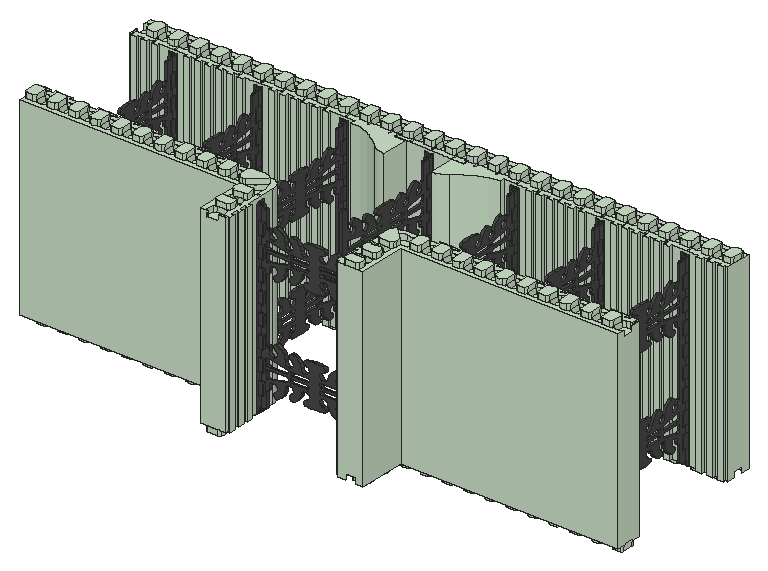
Revit family "ICF- NUDURA 10-inch- Short T Form Unit- Imperial", category Generic Models, Revit 2010 (continued)
Definition of nested family "NUDURA Diamond Pattern Missing Two Lines"
  Lines and regions (in)
    model lines
      curve 51: line (3.35367, -5.625, 12.48484) -> (3.69709, -5.625, 12.14142)
      curve 52: arc (3.35367, -5.625, 13.01517) -> (3.24384, -5.625, 12.75) -> (3.35367, -5.625, 12.48484) r 0.375
      curve 53: line (3.69709, -5.625, 13.35858) -> (3.35367, -5.625, 13.01517)
      curve 54: arc (4.17062, -5.625, 13.30178) -> (3.99384, -5.625, 13.375) -> (3.81706, -5.625, 13.30178) r 0.25
      curve 55: line (3.81706, -5.625, 13.30178) -> (3.44206, -5.625, 12.92678)
      curve 56: arc (3.44206, -5.625, 12.92678) -> (3.36884, -5.625, 12.75) -> (3.44206, -5.625, 12.57322) r 0.25
      curve 57: line (3.44206, -5.625, 12.57322) -> (3.81706, -5.625, 12.19822)
      curve 58: arc (3.81706, -5.625, 12.19822) -> (3.99384, -5.625, 12.125) -> (4.17062, -5.625, 12.19822) r 0.25
      curve 59: line (4.17062, -5.625, 12.19822) -> (4.54562, -5.625, 12.57322)
      curve 60: arc (4.54562, -5.625, 12.57322) -> (4.61884, -5.625, 12.75) -> (4.54562, -5.625, 12.92678) r 0.25
      curve 61: line (4.54562, -5.625, 12.92678) -> (4.17062, -5.625, 13.30178)
      curve 62: arc (3.69709, -5.625, 11.85858) -> (3.75567, -5.625, 12) -> (3.69709, -5.625, 12.14142) r 0.2
      curve 63: line (4.634, -5.625, 11.51517) -> (4.29059, -5.625, 11.85858)
      curve 64: arc (4.634, -5.625, 10.98484) -> (4.74384, -5.625, 11.25) -> (4.634, -5.625, 11.51517) r 0.375
      curve 65: line (4.29059, -5.625, 10.64142) -> (4.634, -5.625, 10.98484)
      curve 66: line (3.35367, -5.625, 10.98484) -> (3.69709, -5.625, 10.64142)
      curve 67: arc (3.35367, -5.625, 11.51517) -> (3.24384, -5.625, 11.25) -> (3.35367, -5.625, 10.98484) r 0.375
      curve 68: line (3.69709, -5.625, 11.85858) -> (3.35367, -5.625, 11.51517)
      curve 69: arc (4.17062, -5.625, 11.80178) -> (3.99384, -5.625, 11.875) -> (3.81706, -5.625, 11.80178) r 0.25
      curve 70: line (3.81706, -5.625, 11.80178) -> (3.44206, -5.625, 11.42678)
      curve 71: arc (3.44206, -5.625, 11.42678) -> (3.36884, -5.625, 11.25) -> (3.44206, -5.625, 11.07322) r 0.25
      curve 72: line (3.44206, -5.625, 11.07322) -> (3.81706, -5.625, 10.69822)
      curve 73: arc (3.81706, -5.625, 10.69822) -> (3.99384, -5.625, 10.625) -> (4.17062, -5.625, 10.69822) r 0.25
      curve 74: line (4.17062, -5.625, 10.69822) -> (4.54562, -5.625, 11.07322)
      curve 75: arc (4.54562, -5.625, 11.07322) -> (4.61884, -5.625, 11.25) -> (4.54562, -5.625, 11.42678) r 0.25
      curve 76: line (4.54562, -5.625, 11.42678) -> (4.17062, -5.625, 11.80178)
      curve 77: arc (3.69709, -5.625, 10.35858) -> (3.75567, -5.625, 10.5) -> (3.69709, -5.625, 10.64142) r 0.2
      curve 78: line (4.634, -5.625, 10.01517) -> (4.29059, -5.625, 10.35858)
      curve 79: arc (4.634, -5.625, 9.48484) -> (4.74384, -5.625, 9.75) -> (4.634, -5.625, 10.01517) r 0.375
      curve 80: line (4.29059, -5.625, 9.14142) -> (4.634, -5.625, 9.48484)
      curve 81: line (3.35367, -5.625, 9.48484) -> (3.69709, -5.625, 9.14142)
      curve 82: arc (3.35367, -5.625, 10.01517) -> (3.24384, -5.625, 9.75) -> (3.35367, -5.625, 9.48484) r 0.375
      curve 83: line (3.69709, -5.625, 10.35858) -> (3.35367, -5.625, 10.01517)
      curve 84: arc (4.17062, -5.625, 10.30178) -> (3.99384, -5.625, 10.375) -> (3.81706, -5.625, 10.30178) r 0.25
      curve 85: line (3.81706, -5.625, 10.30178) -> (3.44206, -5.625, 9.92678)
      curve 86: arc (3.44206, -5.625, 9.92678) -> (3.36884, -5.625, 9.75) -> (3.44206, -5.625, 9.57322) r 0.25
      curve 87: line (3.44206, -5.625, 9.57322) -> (3.81706, -5.625, 9.19822)
      curve 88: arc (3.81706, -5.625, 9.19822) -> (3.99384, -5.625, 9.125) -> (4.17062, -5.625, 9.19822) r 0.25
      curve 89: line (4.17062, -5.625, 9.19822) -> (4.54562, -5.625, 9.57322)
      curve 90: arc (4.54562, -5.625, 9.57322) -> (4.61884, -5.625, 9.75) -> (4.54562, -5.625, 9.92678) r 0.25
      curve 91: line (4.54562, -5.625, 9.92678) -> (4.17062, -5.625, 10.30178)
      curve 92: arc (3.69709, -5.625, 8.85858) -> (3.75567, -5.625, 9) -> (3.69709, -5.625, 9.14142) r 0.2
      curve 93: line (4.634, -5.625, 8.51517) -> (4.29059, -5.625, 8.85858)
      curve 94: arc (4.634, -5.625, 7.98484) -> (4.74384, -5.625, 8.25) -> (4.634, -5.625, 8.51517) r 0.375
      curve 95: line (4.29059, -5.625, 7.64142) -> (4.634, -5.625, 7.98484)
      curve 96: line (3.35367, -5.625, 7.98484) -> (3.69709, -5.625, 7.64142)
      curve 97: arc (3.35367, -5.625, 8.51517) -> (3.24384, -5.625, 8.25) -> (3.35367, -5.625, 7.98484) r 0.375
      curve 98: line (3.69709, -5.625, 8.85858) -> (3.35367, -5.625, 8.51517)
      curve 99: arc (4.17062, -5.625, 8.80178) -> (3.99384, -5.625, 8.875) -> (3.81706, -5.625, 8.80178) r 0.25
      curve 100: line (3.81706, -5.625, 8.80178) -> (3.44206, -5.625, 8.42678)
      curve 101: arc (3.44206, -5.625, 8.42678) -> (3.36884, -5.625, 8.25) -> (3.44206, -5.625, 8.07322) r 0.25
      curve 102: line (3.44206, -5.625, 8.07322) -> (3.81706, -5.625, 7.69822)
      curve 103: arc (3.81706, -5.625, 7.69822) -> (3.99384, -5.625, 7.625) -> (4.17062, -5.625, 7.69822) r 0.25
      curve 104: line (4.17062, -5.625, 7.69822) -> (4.54562, -5.625, 8.07322)
      curve 105: arc (4.54562, -5.625, 8.07322) -> (4.61884, -5.625, 8.25) -> (4.54562, -5.625, 8.42678) r 0.25
      curve 106: line (4.54562, -5.625, 8.42678) -> (4.17062, -5.625, 8.80178)
      curve 107: arc (3.69709, -5.625, 7.35858) -> (3.75567, -5.625, 7.5) -> (3.69709, -5.625, 7.64142) r 0.2
      curve 108: line (4.634, -5.625, 7.01517) -> (4.29059, -5.625, 7.35858)
      curve 109: arc (4.634, -5.625, 6.48484) -> (4.74384, -5.625, 6.75) -> (4.634, -5.625, 7.01517) r 0.375
      curve 110: line (4.29059, -5.625, 6.14142) -> (4.634, -5.625, 6.48484)
      curve 111: line (3.35367, -5.625, 6.48484) -> (3.69709, -5.625, 6.14142)
      curve 112: arc (3.35367, -5.625, 7.01517) -> (3.24384, -5.625, 6.75) -> (3.35367, -5.625, 6.48484) r 0.375
      curve 113: line (3.69709, -5.625, 7.35858) -> (3.35367, -5.625, 7.01517)
      curve 114: arc (4.17062, -5.625, 7.30178) -> (3.99384, -5.625, 7.375) -> (3.81706, -5.625, 7.30178) r 0.25
      curve 115: line (3.81706, -5.625, 7.30178) -> (3.44206, -5.625, 6.92678)
      curve 116: arc (3.44206, -5.625, 6.92678) -> (3.36884, -5.625, 6.75) -> (3.44206, -5.625, 6.57322) r 0.25
      curve 117: line (3.44206, -5.625, 6.57322) -> (3.81706, -5.625, 6.19822)
      curve 118: arc (3.81706, -5.625, 6.19822) -> (3.99384, -5.625, 6.125) -> (4.17062, -5.625, 6.19822) r 0.25
      curve 119: line (4.17062, -5.625, 6.19822) -> (4.54562, -5.625, 6.57322)
      curve 120: arc (4.54562, -5.625, 6.57322) -> (4.61884, -5.625, 6.75) -> (4.54562, -5.625, 6.92678) r 0.25
      curve 121: line (4.54562, -5.625, 6.92678) -> (4.17062, -5.625, 7.30178)
      curve 122: arc (3.69709, -5.625, 5.85858) -> (3.75567, -5.625, 6) -> (3.69709, -5.625, 6.14142) r 0.2
      curve 123: line (4.634, -5.625, 5.51517) -> (4.29059, -5.625, 5.85858)
      curve 124: arc (4.634, -5.625, 4.98484) -> (4.74384, -5.625, 5.25) -> (4.634, -5.625, 5.51517) r 0.375
      curve 125: line (4.29059, -5.625, 4.64142) -> (4.634, -5.625, 4.98484)
      curve 126: line (3.35367, -5.625, 4.98484) -> (3.69709, -5.625, 4.64142)
      curve 127: arc (3.35367, -5.625, 5.51517) -> (3.24384, -5.625, 5.25) -> (3.35367, -5.625, 4.98484) r 0.375
      curve 128: line (3.69709, -5.625, 5.85858) -> (3.35367, -5.625, 5.51517)
      curve 129: arc (4.17062, -5.625, 5.80178) -> (3.99384, -5.625, 5.875) -> (3.81706, -5.625, 5.80178) r 0.25
      curve 130: line (3.81706, -5.625, 5.80178) -> (3.44206, -5.625, 5.42678)
      curve 131: arc (3.44206, -5.625, 5.42678) -> (3.36884, -5.625, 5.25) -> (3.44206, -5.625, 5.07322) r 0.25
      curve 132: line (3.44206, -5.625, 5.07322) -> (3.81706, -5.625, 4.69822)
      curve 133: arc (3.81706, -5.625, 4.69822) -> (3.99384, -5.625, 4.625) -> (4.17062, -5.625, 4.69822) r 0.25
      curve 134: line (4.17062, -5.625, 4.69822) -> (4.54562, -5.625, 5.07322)
      curve 135: arc (4.54562, -5.625, 5.07322) -> (4.61884, -5.625, 5.25) -> (4.54562, -5.625, 5.42678) r 0.25
      curve 136: line (4.54562, -5.625, 5.42678) -> (4.17062, -5.625, 5.80178)
      curve 137: arc (3.69709, -5.625, 4.35858) -> (3.75567, -5.625, 4.5) -> (3.69709, -5.625, 4.64142) r 0.2
      curve 138: line (4.634, -5.625, 4.01517) -> (4.29059, -5.625, 4.35858)
      curve 139: arc (4.634, -5.625, 3.48484) -> (4.74384, -5.625, 3.75) -> (4.634, -5.625, 4.01517) r 0.375
      curve 140: line (4.29059, -5.625, 3.14142) -> (4.634, -5.625, 3.48484)
      curve 141: line (3.35367, -5.625, 3.48484) -> (3.69709, -5.625, 3.14142)
      curve 142: arc (3.35367, -5.625, 4.01517) -> (3.24384, -5.625, 3.75) -> (3.35367, -5.625, 3.48484) r 0.375
      curve 143: line (3.69709, -5.625, 4.35858) -> (3.35367, -5.625, 4.01517)
      curve 144: arc (4.17062, -5.625, 4.30178) -> (3.99384, -5.625, 4.375) -> (3.81706, -5.625, 4.30178) r 0.25
      curve 145: line (3.81706, -5.625, 4.30178) -> (3.44206, -5.625, 3.92678)
      curve 146: arc (3.44206, -5.625, 3.92678) -> (3.36884, -5.625, 3.75) -> (3.44206, -5.625, 3.57322) r 0.25
      curve 147: line (3.44206, -5.625, 3.57322) -> (3.81706, -5.625, 3.19822)
      curve 148: arc (3.81706, -5.625, 3.19822) -> (3.99384, -5.625, 3.125) -> (4.17062, -5.625, 3.19822) r 0.25
      curve 149: line (4.17062, -5.625, 3.19822) -> (4.54562, -5.625, 3.57322)
      curve 150: arc (4.54562, -5.625, 3.57322) -> (4.61884, -5.625, 3.75) -> (4.54562, -5.625, 3.92678) r 0.25
      curve 151: line (4.54562, -5.625, 3.92678) -> (4.17062, -5.625, 4.30178)
      curve 152: arc (3.69709, -5.625, 2.85858) -> (3.75567, -5.625, 3) -> (3.69709, -5.625, 3.14142) r 0.2
      curve 153: line (4.634, -5.625, 2.51517) -> (4.29059, -5.625, 2.85858)
      curve 154: arc (4.634, -5.625, 1.98484) -> (4.74384, -5.625, 2.25) -> (4.634, -5.625, 2.51517) r 0.375
      curve 155: line (4.29059, -5.625, 1.64142) -> (4.634, -5.625, 1.98484)
      curve 156: line (3.35367, -5.625, 1.98484) -> (3.69709, -5.625, 1.64142)
      curve 157: arc (3.35367, -5.625, 2.51517) -> (3.24384, -5.625, 2.25) -> (3.35367, -5.625, 1.98484) r 0.375
      curve 158: line (3.69709, -5.625, 2.85858) -> (3.35367, -5.625, 2.51517)
      curve 159: arc (4.17062, -5.625, 2.80178) -> (3.99384, -5.625, 2.875) -> (3.81706, -5.625, 2.80178) r 0.25
      curve 160: line (3.81706, -5.625, 2.80178) -> (3.44206, -5.625, 2.42678)
      curve 161: arc (3.44206, -5.625, 2.42678) -> (3.36884, -5.625, 2.25) -> (3.44206, -5.625, 2.07322) r 0.25
      curve 162: line (3.44206, -5.625, 2.07322) -> (3.81706, -5.625, 1.69822)
      curve 163: arc (3.81706, -5.625, 1.69822) -> (3.99384, -5.625, 1.625) -> (4.17062, -5.625, 1.69822) r 0.25
      curve 164: line (4.17062, -5.625, 1.69822) -> (4.54562, -5.625, 2.07322)
      curve 165: arc (4.54562, -5.625, 2.07322) -> (4.61884, -5.625, 2.25) -> (4.54562, -5.625, 2.42678) r 0.25
      curve 166: line (4.54562, -5.625, 2.42678) -> (4.17062, -5.625, 2.80178)
      curve 167: arc (3.69709, -5.625, 1.35858) -> (3.75567, -5.625, 1.5) -> (3.69709, -5.625, 1.64142) r 0.2
      curve 168: line (3.69709, -5.625, 1.35858) -> (3.35367, -5.625, 1.01517)
      curve 169: arc (3.35367, -5.625, 1.01517) -> (3.24384, -5.625, 0.75) -> (3.35367, -5.625, 0.48484) r 0.375
      curve 170: line (3.35367, -5.625, 0.48484) -> (3.72867, -5.625, 0.10984)
      curve 171: arc (3.72867, -5.625, 0.10984) -> (3.99384, -5.625, 0) -> (4.259, -5.625, 0.10984) r 0.375
      curve 172: line (4.259, -5.625, 0.10984) -> (4.634, -5.625, 0.48484)
      curve 173: arc (4.634, -5.625, 0.48484) -> (4.74384, -5.625, 0.75) -> (4.634, -5.625, 1.01517) r 0.375
      curve 174: line (4.634, -5.625, 1.01517) -> (4.29059, -5.625, 1.35858)
      curve 175: arc (4.29059, -5.625, 1.64142) -> (4.23201, -5.625, 1.5) -> (4.29059, -5.625, 1.35858) r 0.2
      curve 176: arc (4.17062, -5.625, 1.30178) -> (3.99384, -5.625, 1.375) -> (3.81706, -5.625, 1.30178) r 0.25
      curve 177: line (4.54562, -5.625, 0.92678) -> (4.17062, -5.625, 1.30178)
      curve 178: arc (4.54562, -5.625, 0.57322) -> (4.61884, -5.625, 0.75) -> (4.54562, -5.625, 0.92678) r 0.25
      curve 179: line (4.17062, -5.625, 0.19822) -> (4.54562, -5.625, 0.57322)
      curve 180: arc (3.81706, -5.625, 0.19822) -> (3.99384, -5.625, 0.125) -> (4.17062, -5.625, 0.19822) r 0.25
      curve 181: line (3.44206, -5.625, 0.57322) -> (3.81706, -5.625, 0.19822)
      curve 182: arc (3.44206, -5.625, 0.92678) -> (3.36884, -5.625, 0.75) -> (3.44206, -5.625, 0.57322) r 0.25
      curve 183: line (3.81706, -5.625, 1.30178) -> (3.44206, -5.625, 0.92678)
      curve 184: arc (4.29059, -5.625, 3.14142) -> (4.23201, -5.625, 3) -> (4.29059, -5.625, 2.85858) r 0.2
      curve 185: arc (4.29059, -5.625, 4.64142) -> (4.23201, -5.625, 4.5) -> (4.29059, -5.625, 4.35858) r 0.2
      curve 186: arc (4.29059, -5.625, 6.14142) -> (4.23201, -5.625, 6) -> (4.29059, -5.625, 5.85858) r 0.2
      curve 187: arc (4.29059, -5.625, 7.64142) -> (4.23201, -5.625, 7.5) -> (4.29059, -5.625, 7.35858) r 0.2
      curve 188: arc (4.29059, -5.625, 9.14142) -> (4.23201, -5.625, 9) -> (4.29059, -5.625, 8.85858) r 0.2
      curve 189: arc (4.29059, -5.625, 10.64142) -> (4.23201, -5.625, 10.5) -> (4.29059, -5.625, 10.35858) r 0.2
      curve 190: arc (4.29059, -5.625, 12.14142) -> (4.23201, -5.625, 12) -> (4.29059, -5.625, 11.85858) r 0.2
      curve 191: arc (4.29059, -5.625, 13.64142) -> (4.23201, -5.625, 13.5) -> (4.29059, -5.625, 13.35858) r 0.2
      curve 192: arc (4.29059, -5.625, 15.14142) -> (4.23201, -5.625, 15) -> (4.29059, -5.625, 14.85858) r 0.2
      curve 193: arc (4.29059, -5.625, 16.64142) -> (4.23201, -5.625, 16.5) -> (4.29059, -5.625, 16.35858) r 0.2
Definition of nested family "NUDURA Logo Diamond"
  Reference planes (in)
    plane 1 "Center (Front/Back)": y = 0
    plane 2: z = 0
    plane 3 "Center (Left/Right)": x = 0
  Lines and regions (in)
    model lines
      curve 1: line (12.59848, 0, 17.50104) -> (12.24492, 0, 17.85459)
      curve 2: line (12.36113, 0, 16.76872) -> (12.59848, 0, 17.00607)
      curve 3: line (12.59848, 0, 16.00104) -> (12.36113, 0, 16.23839)
      curve 4: line (12.36113, 0, 15.26872) -> (12.59848, 0, 15.50607)
      curve 5: line (12.59848, 0, 14.50104) -> (12.36113, 0, 14.73839)
      curve 6: line (12.36113, 0, 13.76872) -> (12.59848, 0, 14.00607)
      curve 7: line (12.17421, 0, 13.28388) -> (12.71208, 0, 12.74602)
      curve 8: line (12.71208, 0, 12.74602) -> (12.78279, 0, 12.81673)
      curve 9: line (11.28279, 0, 12.74602) -> (11.82066, 0, 13.28388)
      curve 10: line (11.63374, 0, 13.23839) -> (11.21208, 0, 12.81673)
      curve 11: line (11.3964, 0, 14.00607) -> (11.63374, 0, 13.76872)
      curve 12: line (11.63374, 0, 14.73839) -> (11.3964, 0, 14.50104)
      curve 13: line (11.3964, 0, 15.50607) -> (11.63374, 0, 15.26872)
      curve 14: line (11.63374, 0, 16.23839) -> (11.3964, 0, 16.00104)
      curve 15: line (11.3964, 0, 17.00607) -> (11.63374, 0, 16.76872)
      curve 16: line (11.74995, 0, 17.85459) -> (11.3964, 0, 17.50104)
      curve 17: line (11.82066, 0, 17.78388) -> (11.46711, 0, 17.43033)
      curve 18: line (12.52777, 0, 17.43033) -> (12.17421, 0, 17.78388)
      curve 19: line (12.17421, 0, 16.72322) -> (12.52777, 0, 17.07678)
      curve 20: line (11.46711, 0, 17.07678) -> (11.82066, 0, 16.72322)
      curve 21: arc (11.3964, 0, 17.50104) -> (11.29388, 0, 17.25355) -> (11.3964, 0, 17.00607) r 0.35
      curve 22: arc (11.74995, 0, 17.85459) -> (11.99744, 0, 17.95711) -> (12.24492, 0, 17.85459) r 0.35
      curve 23: arc (11.46711, 0, 17.43033) -> (11.39388, 0, 17.25355) -> (11.46711, 0, 17.07678) r 0.25
      curve 24: arc (12.52777, 0, 17.43033) -> (12.60099, 0, 17.25355) -> (12.52777, 0, 17.07678) r 0.25
      curve 25: arc (12.17421, 0, 16.72322) -> (11.99744, 0, 16.65) -> (11.82066, 0, 16.72322) r 0.25
      curve 26: arc (11.82066, 0, 17.78388) -> (11.99744, 0, 17.85711) -> (12.17421, 0, 17.78388) r 0.25
      curve 27: arc (12.59848, 0, 17.50104) -> (12.70099, 0, 17.25355) -> (12.59848, 0, 17.00607) r 0.35
      curve 28: arc (11.63374, 0, 16.76872) -> (11.74358, 0, 16.50355) -> (11.63374, 0, 16.23839) r 0.375
      curve 29: arc (12.36113, 0, 16.76872) -> (12.2513, 0, 16.50355) -> (12.36113, 0, 16.23839) r 0.375
      curve 30: line (12.36113, 0, 15.26872) -> (12.59848, 0, 15.50607)
      curve 31: line (11.3964, 0, 15.50607) -> (11.63374, 0, 15.26872)
      curve 32: line (11.82066, 0, 16.28388) -> (11.46711, 0, 15.93033)
      curve 33: line (12.52777, 0, 15.93033) -> (12.17421, 0, 16.28388)
      curve 34: line (12.17421, 0, 15.22322) -> (12.52777, 0, 15.57678)
      curve 35: line (11.46711, 0, 15.57678) -> (11.82066, 0, 15.22322)
      curve 36: arc (11.3964, 0, 16.00104) -> (11.29388, 0, 15.75355) -> (11.3964, 0, 15.50607) r 0.35
      curve 37: arc (11.46711, 0, 15.93033) -> (11.39388, 0, 15.75355) -> (11.46711, 0, 15.57678) r 0.25
      curve 38: arc (12.52777, 0, 15.93033) -> (12.60099, 0, 15.75355) -> (12.52777, 0, 15.57678) r 0.25
      curve 39: arc (12.17421, 0, 15.22322) -> (11.99744, 0, 15.15) -> (11.82066, 0, 15.22322) r 0.25
      curve 40: arc (11.82066, 0, 16.28388) -> (11.99744, 0, 16.35711) -> (12.17421, 0, 16.28388) r 0.25
      curve 41: arc (12.59848, 0, 16.00104) -> (12.70099, 0, 15.75355) -> (12.59848, 0, 15.50607) r 0.35
      curve 42: line (11.63374, 0, 16.23839) -> (11.3964, 0, 16.00104)
      curve 43: line (12.59848, 0, 16.00104) -> (12.36113, 0, 16.23839)
      curve 44: arc (11.63374, 0, 15.26872) -> (11.74358, 0, 15.00355) -> (11.63374, 0, 14.73839) r 0.375
      curve 45: arc (12.36113, 0, 15.26872) -> (12.2513, 0, 15.00355) -> (12.36113, 0, 14.73839) r 0.375
      curve 46: line (12.36113, 0, 13.76872) -> (12.59848, 0, 14.00607)
      curve 47: line (11.3964, 0, 14.00607) -> (11.63374, 0, 13.76872)
      curve 48: line (11.82066, 0, 14.78388) -> (11.46711, 0, 14.43033)
      curve 49: line (12.52777, 0, 14.43033) -> (12.17421, 0, 14.78388)
      curve 50: line (12.17421, 0, 13.72322) -> (12.52777, 0, 14.07678)
      curve 51: line (11.46711, 0, 14.07678) -> (11.82066, 0, 13.72322)
      curve 52: arc (11.3964, 0, 14.50104) -> (11.29388, 0, 14.25355) -> (11.3964, 0, 14.00607) r 0.35
      curve 53: arc (11.46711, 0, 14.43033) -> (11.39388, 0, 14.25355) -> (11.46711, 0, 14.07678) r 0.25
      curve 54: arc (12.52777, 0, 14.43033) -> (12.60099, 0, 14.25355) -> (12.52777, 0, 14.07678) r 0.25
      curve 55: arc (12.17421, 0, 13.72322) -> (11.99744, 0, 13.65) -> (11.82066, 0, 13.72322) r 0.25
      curve 56: arc (11.82066, 0, 14.78388) -> (11.99744, 0, 14.85711) -> (12.17421, 0, 14.78388) r 0.25
      curve 57: arc (12.59848, 0, 14.50104) -> (12.70099, 0, 14.25355) -> (12.59848, 0, 14.00607) r 0.35
      curve 58: line (11.63374, 0, 14.73839) -> (11.3964, 0, 14.50104)
      curve 59: arc (11.63374, 0, 13.76872) -> (11.74358, 0, 13.50355) -> (11.63374, 0, 13.23839) r 0.375
      curve 60: arc (12.36113, 0, 13.76872) -> (12.2513, 0, 13.50355) -> (12.36113, 0, 13.23839) r 0.375
      curve 61: line (12.78279, 0, 12.81673) -> (12.36113, 0, 13.23839)
      curve 62: line (11.21208, 0, 12.81673) -> (11.28279, 0, 12.74602)
      curve 63: arc (11.82066, 0, 13.28388) -> (11.99744, 0, 13.35711) -> (12.17421, 0, 13.28388) r 0.25
      curve 64: line (12.59848, 0, 0.50607) -> (12.24492, 0, 0.15251)
      curve 65: line (12.36113, 0, 1.23839) -> (12.59848, 0, 1.00104)
      curve 66: line (12.59848, 0, 2.00607) -> (12.36113, 0, 1.76872)
      curve 67: line (12.36113, 0, 2.73839) -> (12.59848, 0, 2.50104)
      curve 68: line (12.59848, 0, 3.50607) -> (12.36113, 0, 3.26872)
      curve 69: line (12.36113, 0, 4.23839) -> (12.59848, 0, 4.00104)
      curve 70: line (12.17421, 0, 4.72322) -> (12.71208, 0, 5.26109)
      curve 71: line (12.71208, 0, 5.26109) -> (12.78279, 0, 5.19038)
      curve 72: line (11.28279, 0, 5.26109) -> (11.82066, 0, 4.72322)
      curve 73: line (11.63374, 0, 4.76872) -> (11.21208, 0, 5.19038)
      curve 74: line (11.3964, 0, 4.00104) -> (11.63374, 0, 4.23839)
      curve 75: line (11.63374, 0, 3.26872) -> (11.3964, 0, 3.50607)
      curve 76: line (11.3964, 0, 2.50104) -> (11.63374, 0, 2.73839)
      curve 77: line (11.63374, 0, 1.76872) -> (11.3964, 0, 2.00607)
      curve 78: line (11.3964, 0, 1.00104) -> (11.63374, 0, 1.23839)
      curve 79: line (11.74995, 0, 0.15251) -> (11.3964, 0, 0.50607)
      curve 80: line (11.82066, 0, 0.22322) -> (11.46711, 0, 0.57678)
      curve 81: line (12.52777, 0, 0.57678) -> (12.17421, 0, 0.22322)
      curve 82: line (12.17421, 0, 1.28388) -> (12.52777, 0, 0.93033)
      curve 83: line (11.46711, 0, 0.93033) -> (11.82066, 0, 1.28388)
      curve 84: arc (11.3964, 0, 0.50607) -> (11.29388, 0, 0.75355) -> (11.3964, 0, 1.00104) r 0.35
      curve 85: arc (11.74995, 0, 0.15251) -> (11.99744, 0, 0.05) -> (12.24492, 0, 0.15251) r 0.35
      curve 86: arc (11.46711, 0, 0.57678) -> (11.39388, 0, 0.75355) -> (11.46711, 0, 0.93033) r 0.25
      curve 87: arc (12.52777, 0, 0.57678) -> (12.60099, 0, 0.75355) -> (12.52777, 0, 0.93033) r 0.25
      curve 88: arc (12.17421, 0, 1.28388) -> (11.99744, 0, 1.35711) -> (11.82066, 0, 1.28388) r 0.25
      curve 89: arc (11.82066, 0, 0.22322) -> (11.99744, 0, 0.15) -> (12.17421, 0, 0.22322) r 0.25
      curve 90: arc (12.59848, 0, 0.50607) -> (12.70099, 0, 0.75355) -> (12.59848, 0, 1.00104) r 0.35
      curve 91: arc (11.63374, 0, 1.23839) -> (11.74358, 0, 1.50355) -> (11.63374, 0, 1.76872) r 0.375
      curve 92: arc (12.36113, 0, 1.23839) -> (12.2513, 0, 1.50355) -> (12.36113, 0, 1.76872) r 0.375
      curve 93: line (12.36113, 0, 2.73839) -> (12.59848, 0, 2.50104)
      curve 94: line (11.3964, 0, 2.50104) -> (11.63374, 0, 2.73839)
      curve 95: line (11.82066, 0, 1.72322) -> (11.46711, 0, 2.07678)
      curve 96: line (12.52777, 0, 2.07678) -> (12.17421, 0, 1.72322)
      curve 97: line (12.17421, 0, 2.78388) -> (12.52777, 0, 2.43033)
      curve 98: line (11.46711, 0, 2.43033) -> (11.82066, 0, 2.78388)
      curve 99: arc (11.3964, 0, 2.00607) -> (11.29388, 0, 2.25355) -> (11.3964, 0, 2.50104) r 0.35
      curve 100: arc (11.46711, 0, 2.07678) -> (11.39388, 0, 2.25355) -> (11.46711, 0, 2.43033) r 0.25
      curve 101: arc (12.52777, 0, 2.07678) -> (12.60099, 0, 2.25355) -> (12.52777, 0, 2.43033) r 0.25
      curve 102: arc (12.17421, 0, 2.78388) -> (11.99744, 0, 2.85711) -> (11.82066, 0, 2.78388) r 0.25
      curve 103: arc (11.82066, 0, 1.72322) -> (11.99744, 0, 1.65) -> (12.17421, 0, 1.72322) r 0.25
      curve 104: arc (12.59848, 0, 2.00607) -> (12.70099, 0, 2.25355) -> (12.59848, 0, 2.50104) r 0.35
      curve 105: line (11.63374, 0, 1.76872) -> (11.3964, 0, 2.00607)
      curve 106: line (12.59848, 0, 2.00607) -> (12.36113, 0, 1.76872)
      curve 107: arc (11.63374, 0, 2.73839) -> (11.74358, 0, 3.00355) -> (11.63374, 0, 3.26872) r 0.375
      curve 108: arc (12.36113, 0, 2.73839) -> (12.2513, 0, 3.00355) -> (12.36113, 0, 3.26872) r 0.375
      curve 109: line (12.36113, 0, 4.23839) -> (12.59848, 0, 4.00104)
      curve 110: line (11.3964, 0, 4.00104) -> (11.63374, 0, 4.23839)
      curve 111: line (11.82066, 0, 3.22322) -> (11.46711, 0, 3.57678)
      curve 112: line (12.52777, 0, 3.57678) -> (12.17421, 0, 3.22322)
      curve 113: line (12.17421, 0, 4.28388) -> (12.52777, 0, 3.93033)
      curve 114: line (11.46711, 0, 3.93033) -> (11.82066, 0, 4.28388)
      curve 115: arc (11.3964, 0, 3.50607) -> (11.29388, 0, 3.75355) -> (11.3964, 0, 4.00104) r 0.35
      curve 116: arc (11.46711, 0, 3.57678) -> (11.39388, 0, 3.75355) -> (11.46711, 0, 3.93033) r 0.25
      curve 117: arc (12.52777, 0, 3.57678) -> (12.60099, 0, 3.75355) -> (12.52777, 0, 3.93033) r 0.25
      curve 118: arc (12.17421, 0, 4.28388) -> (11.99744, 0, 4.35711) -> (11.82066, 0, 4.28388) r 0.25
      curve 119: arc (11.82066, 0, 3.22322) -> (11.99744, 0, 3.15) -> (12.17421, 0, 3.22322) r 0.25
      curve 120: arc (12.59848, 0, 3.50607) -> (12.70099, 0, 3.75355) -> (12.59848, 0, 4.00104) r 0.35
      curve 121: line (11.63374, 0, 3.26872) -> (11.3964, 0, 3.50607)
      curve 122: arc (11.63374, 0, 4.23839) -> (11.74358, 0, 4.50355) -> (11.63374, 0, 4.76872) r 0.375
      curve 123: arc (12.36113, 0, 4.23839) -> (12.2513, 0, 4.50355) -> (12.36113, 0, 4.76872) r 0.375
      curve 124: line (12.78279, 0, 5.19038) -> (12.36113, 0, 4.76872)
      curve 125: line (11.21208, 0, 5.19038) -> (11.28279, 0, 5.26109)
      curve 126: arc (11.82066, 0, 4.72322) -> (11.99744, 0, 4.65) -> (12.17421, 0, 4.72322) r 0.25
      curve 127: line (12.37244, 0, 12.50355) -> (11.62244, 0, 12.50355)
      curve 128: line (12.74744, 0, 5.87855) -> (12.74744, 0, 12.12855)
      curve 129: line (11.24744, 0, 12.12855) -> (11.24744, 0, 5.87855)
      curve 130: line (11.62244, 0, 5.50355) -> (12.37244, 0, 5.50355)
      curve 131: line (12.47232, 0, 12.00355) -> (12.0393, 0, 12.25355)
      curve 132: line (12.47232, 0, 11.50355) -> (12.47232, 0, 12.00355)
      curve 133: line (12.25581, 0, 11.37855) -> (12.47232, 0, 11.50355)
      curve 134: line (12.02256, 0, 11.51322) -> (12.25581, 0, 11.37855)
      curve 135: line (12.22232, 0, 11.62855) -> (12.02256, 0, 11.51322)
      curve 136: line (11.80605, 0, 12.11888) -> (12.22232, 0, 11.87855)
      curve 137: line (12.22232, 0, 11.87855) -> (12.22232, 0, 11.62855)
      curve 138: line (12.0393, 0, 12.25355) -> (11.80605, 0, 12.11888)
      curve 139: line (11.77256, 0, 11.63822) -> (11.97232, 0, 11.75355)
      curve 140: line (11.97232, 0, 11.75355) -> (11.73906, 0, 11.88822)
      curve 141: line (11.73906, 0, 11.88822) -> (11.52256, 0, 11.76322)
      curve 142: line (11.52256, 0, 11.76322) -> (11.52256, 0, 11.26322)
      curve 143: line (11.77256, 0, 11.38822) -> (11.77256, 0, 11.63822)
      curve 144: line (12.18882, 0, 11.14789) -> (11.77256, 0, 11.38822)
      curve 145: line (11.95557, 0, 11.01322) -> (12.18882, 0, 11.14789)
      curve 146: line (11.52256, 0, 11.26322) -> (11.95557, 0, 11.01322)
      curve 147: line (12.31108, 0, 10.60411) -> (11.68379, 0, 10.74458)
      curve 148: line (11.68379, 0, 10.74458) -> (11.68379, 0, 10.51321)
      curve 149: line (11.68379, 0, 10.51321) -> (12.1295, 0, 10.41405)
      curve 150: line (12.1295, 0, 10.41405) -> (11.68379, 0, 10.27358)
      curve 151: line (11.68379, 0, 10.27358) -> (11.68379, 0, 9.8852)
      curve 152: line (11.68379, 0, 9.8852) -> (12.17077, 0, 9.77615)
      curve 153: line (12.17077, 0, 9.77615) -> (12.17077, 0, 9.74472)
      curve 154: line (12.17077, 0, 9.74472) -> (11.86146, 0, 9.80279)
      curve 155: line (11.68379, 0, 9.65536) -> (11.68379, 0, 9.35864)
      curve 156: line (12.07077, 0, 8.74385) -> (12.07077, 0, 8.99996)
      curve 157: line (12.07077, 0, 8.99996) -> (11.68379, 0, 9.08605)
      curve 158: line (11.68379, 0, 9.08605) -> (11.68379, 0, 8.47809)
      curve 159: line (11.91823, 0, 9.06589) -> (12.31108, 0, 8.97792)
      curve 160: line (11.82444, 0, 8.55476) -> (11.82444, 0, 8.79865)
      curve 161: line (11.82444, 0, 8.79865) -> (12.07077, 0, 8.74385)
      curve 162: line (11.68379, 0, 8.07193) -> (11.68379, 0, 7.77522)
      curve 163: line (11.91823, 0, 7.48247) -> (12.21108, 0, 7.41688)
      curve 164: line (12.21108, 0, 7.41688) -> (12.21108, 0, 6.95405)
      curve 165: line (12.16108, 0, 6.90405) -> (12.12077, 0, 6.90405)
      curve 166: line (12.07077, 0, 6.95405) -> (12.07077, 0, 7.08675)
      curve 167: line (12.07077, 0, 7.08675) -> (12.12077, 0, 7.07556)
      curve 168: line (12.12077, 0, 7.07556) -> (12.12077, 0, 7.33463)
      curve 169: line (12.12077, 0, 7.33463) -> (11.68379, 0, 7.43249)
      curve 170: line (11.68379, 0, 7.43249) -> (11.68379, 0, 7.17341)
      curve 171: line (11.68379, 0, 7.17341) -> (11.97077, 0, 7.10915)
      curve 172: line (11.97077, 0, 7.10915) -> (11.97077, 0, 6.99425)
      curve 173: line (11.92077, 0, 6.94425) -> (11.68379, 0, 6.94425)
      curve 174: line (11.68379, 0, 6.94425) -> (11.68379, 0, 6.45682)
      curve 175: line (11.68379, 0, 6.45682) -> (11.78284, 0, 6.38658)
      curve 176: line (11.78284, 0, 6.38658) -> (11.78284, 0, 6.05178)
      curve 177: line (12.12371, 0, 6.14486) -> (11.88284, 0, 6.31567)
      curve 178: line (11.88284, 0, 6.31567) -> (11.88284, 0, 6.07909)
      curve 179: line (11.88284, 0, 6.07909) -> (12.12371, 0, 6.14486)
      curve 180: line (11.78284, 0, 6.05178) -> (11.68379, 0, 6.02474)
      curve 181: line (11.68379, 0, 6.02474) -> (11.68379, 0, 5.75355)
      curve 182: line (11.68379, 0, 5.75355) -> (12.31108, 0, 5.92483)
      curve 183: line (12.31108, 0, 5.92483) -> (12.31108, 0, 6.28791)
      curve 184: line (12.31108, 0, 6.28791) -> (11.76249, 0, 6.67694)
      curve 185: line (11.76249, 0, 6.67694) -> (11.90321, 0, 6.67694)
      curve 186: line (12.31108, 0, 6.78674) -> (12.31108, 0, 7.63562)
      curve 187: line (12.31108, 0, 7.63562) -> (11.90258, 0, 7.7271)
      curve 188: line (11.82444, 0, 7.82469) -> (11.82444, 0, 7.92839)
      curve 189: line (11.88536, 0, 7.97718) -> (12.31108, 0, 7.88185)
      curve 190: line (12.31108, 0, 7.88185) -> (12.31108, 0, 8.13496)
      curve 191: line (12.31108, 0, 8.13496) -> (12.08042, 0, 8.17826)
      curve 192: line (12.31108, 0, 8.38353) -> (12.31108, 0, 8.9465)
      curve 193: line (12.31108, 0, 8.9465) -> (12.17077, 0, 8.97771)
      curve 194: line (12.17077, 0, 8.97771) -> (12.17077, 0, 8.55476)
      curve 195: line (12.31108, 0, 8.97792) -> (12.31108, 0, 9.21905)
      curve 196: line (12.31108, 0, 9.21905) -> (11.90258, 0, 9.31053)
      curve 197: line (11.82444, 0, 9.40811) -> (11.82444, 0, 9.51182)
      curve 198: line (11.87938, 0, 9.56195) -> (12.31108, 0, 9.46528)
      curve 199: line (12.31108, 0, 9.46528) -> (12.31108, 0, 9.98469)
      curve 200: line (12.31108, 0, 9.98469) -> (11.90664, 0, 10.07526)
      curve 201: line (11.90664, 0, 10.07526) -> (12.31108, 0, 10.20747)
      curve 202: line (12.31108, 0, 10.20747) -> (12.31108, 0, 10.60411)
      curve 203: arc (11.68379, 0, 9.65536) -> (11.73801, 0, 9.7708) -> (11.86146, 0, 9.80279) r 0.15
      curve 204: arc (11.68379, 0, 9.35864) -> (11.74962, 0, 9.17112) -> (11.91823, 0, 9.06589) r 0.3
      curve 205: arc (11.84417, 0, 8.22149) -> (11.72718, 0, 8.32679) -> (11.68379, 0, 8.47809) r 0.28547
      curve 206: arc (11.68379, 0, 8.07193) -> (11.73147, 0, 8.18158) -> (11.84417, 0, 8.22149) r 0.14992
      curve 207: arc (11.68379, 0, 7.77522) -> (11.74962, 0, 7.58769) -> (11.91823, 0, 7.48247) r 0.3
      curve 208: arc (11.82444, 0, 7.82469) -> (11.84638, 0, 7.76218) -> (11.90258, 0, 7.7271) r 0.1
      curve 209: arc (11.82444, 0, 7.92839) -> (11.84318, 0, 7.96742) -> (11.88536, 0, 7.97718) r 0.05
      curve 210: arc (12.12077, 0, 6.90405) -> (12.08541, 0, 6.91869) -> (12.07077, 0, 6.95405) r 0.05
      curve 211: arc (12.16108, 0, 6.90405) -> (12.19644, 0, 6.91869) -> (12.21108, 0, 6.95405) r 0.05
      curve 212: arc (11.97077, 0, 6.99425) -> (11.95612, 0, 6.95889) -> (11.92077, 0, 6.94425) r 0.05
      curve 213: arc (11.90321, 0, 6.67694) -> (11.96756, 0, 6.70069) -> (12.00104, 0, 6.76055) r 0.09904
      curve 214: arc (12.00104, 0, 6.76055) -> (12.1681, 0, 6.63117) -> (12.31108, 0, 6.78674) r 0.15613
      curve 215: arc (12.08042, 0, 8.17826) -> (12.24181, 0, 8.22914) -> (12.31108, 0, 8.38353) r 0.20667
      curve 216: arc (11.82444, 0, 8.55476) -> (11.9976, 0, 8.3816) -> (12.17077, 0, 8.55476) r 0.17317
      curve 217: arc (11.82444, 0, 9.40811) -> (11.84638, 0, 9.34561) -> (11.90258, 0, 9.31053) r 0.1
      curve 218: arc (11.82444, 0, 9.51182) -> (11.8459, 0, 9.55306) -> (11.892, 0, 9.55913) r 0.05034
      curve 219: arc (11.24744, 0, 12.12855) -> (11.35727, 0, 12.39372) -> (11.62244, 0, 12.50355) r 0.375
      curve 220: arc (12.37244, 0, 12.50355) -> (12.6376, 0, 12.39372) -> (12.74744, 0, 12.12855) r 0.375
      curve 221: arc (11.24744, 0, 5.87855) -> (11.35727, 0, 5.61339) -> (11.62244, 0, 5.50355) r 0.375
      curve 222: arc (12.37244, 0, 5.50355) -> (12.6376, 0, 5.61339) -> (12.74744, 0, 5.87855) r 0.375
      curve 223: line (9.99744, 0, 18) -> (9.99744, 0, 0)
      curve 224: line (13.99744, 0, 18) -> (13.99744, 0, 0)
      curve 225: line (15.99744, 0, 18) -> (15.99744, 0, 0)
Definition of nested family "NUDURA Diamond Pattern"
  Reference planes (in)
    plane 1 "Center (Front/Back)": y = 0
    plane 2: z = 0
    plane 3 "Center (Left/Right)": x = 0
    plane 4: z = 18
  Lines and regions (in)
    model lines
      curve 1: line (8, -5.625, 18) -> (8, -5.625, 0)
      curve 2: line (6, -5.625, 18) -> (6, -5.625, 0)
      curve 3: line (2, -5.625, 18) -> (2, -5.625, 0)
      curve 4: line (3.35367, -5.625, 16.98484) -> (3.69709, -5.625, 16.64142)
      curve 5: arc (3.35367, -5.625, 17.51517) -> (3.24384, -5.625, 17.25) -> (3.35367, -5.625, 16.98484) r 0.375
      curve 6: line (3.72867, -5.625, 17.89017) -> (3.35367, -5.625, 17.51517)
      curve 7: arc (4.259, -5.625, 17.89017) -> (3.99384, -5.625, 18) -> (3.72867, -5.625, 17.89017) r 0.375
      curve 8: line (4.634, -5.625, 17.51517) -> (4.259, -5.625, 17.89017)
      curve 9: arc (4.634, -5.625, 16.98484) -> (4.74384, -5.625, 17.25) -> (4.634, -5.625, 17.51517) r 0.375
      curve 10: line (4.29059, -5.625, 16.64142) -> (4.634, -5.625, 16.98484)
      curve 11: arc (4.17062, -5.625, 17.80178) -> (3.99384, -5.625, 17.875) -> (3.81706, -5.625, 17.80178) r 0.25
      curve 12: line (4.54562, -5.625, 17.42678) -> (4.17062, -5.625, 17.80178)
      curve 13: arc (4.54562, -5.625, 17.07322) -> (4.61884, -5.625, 17.25) -> (4.54562, -5.625, 17.42678) r 0.25
      curve 14: line (4.17062, -5.625, 16.69822) -> (4.54562, -5.625, 17.07322)
      curve 15: arc (3.81706, -5.625, 16.69822) -> (3.99384, -5.625, 16.625) -> (4.17062, -5.625, 16.69822) r 0.25
      curve 16: line (3.44206, -5.625, 17.07322) -> (3.81706, -5.625, 16.69822)
      curve 17: arc (3.44206, -5.625, 17.42678) -> (3.36884, -5.625, 17.25) -> (3.44206, -5.625, 17.07322) r 0.25
      curve 18: line (3.81706, -5.625, 17.80178) -> (3.44206, -5.625, 17.42678)
      curve 19: arc (3.69709, -5.625, 16.35858) -> (3.75567, -5.625, 16.5) -> (3.69709, -5.625, 16.64142) r 0.2
      curve 20: line (4.634, -5.625, 16.01517) -> (4.29059, -5.625, 16.35858)
      curve 21: arc (4.634, -5.625, 15.48484) -> (4.74384, -5.625, 15.75) -> (4.634, -5.625, 16.01517) r 0.375
      curve 22: line (4.29059, -5.625, 15.14142) -> (4.634, -5.625, 15.48484)
      curve 23: line (3.35367, -5.625, 15.48484) -> (3.69709, -5.625, 15.14142)
      curve 24: arc (3.35367, -5.625, 16.01517) -> (3.24384, -5.625, 15.75) -> (3.35367, -5.625, 15.48484) r 0.375
      curve 25: line (3.69709, -5.625, 16.35858) -> (3.35367, -5.625, 16.01517)
      curve 26: arc (4.17062, -5.625, 16.30178) -> (3.99384, -5.625, 16.375) -> (3.81706, -5.625, 16.30178) r 0.25
      curve 27: line (3.81706, -5.625, 16.30178) -> (3.44206, -5.625, 15.92678)
      curve 28: arc (3.44206, -5.625, 15.92678) -> (3.36884, -5.625, 15.75) -> (3.44206, -5.625, 15.57322) r 0.25
      curve 29: line (3.44206, -5.625, 15.57322) -> (3.81706, -5.625, 15.19822)
      curve 30: arc (3.81706, -5.625, 15.19822) -> (3.99384, -5.625, 15.125) -> (4.17062, -5.625, 15.19822) r 0.25
      curve 31: line (4.17062, -5.625, 15.19822) -> (4.54562, -5.625, 15.57322)
      curve 32: arc (4.54562, -5.625, 15.57322) -> (4.61884, -5.625, 15.75) -> (4.54562, -5.625, 15.92678) r 0.25
      curve 33: line (4.54562, -5.625, 15.92678) -> (4.17062, -5.625, 16.30178)
      curve 34: arc (3.69709, -5.625, 14.85858) -> (3.75567, -5.625, 15) -> (3.69709, -5.625, 15.14142) r 0.2
      curve 35: line (4.634, -5.625, 14.51517) -> (4.29059, -5.625, 14.85858)
      curve 36: arc (4.634, -5.625, 13.98484) -> (4.74384, -5.625, 14.25) -> (4.634, -5.625, 14.51517) r 0.375
      curve 37: line (4.29059, -5.625, 13.64142) -> (4.634, -5.625, 13.98484)
      curve 38: line (3.35367, -5.625, 13.98484) -> (3.69709, -5.625, 13.64142)
      curve 39: arc (3.35367, -5.625, 14.51517) -> (3.24384, -5.625, 14.25) -> (3.35367, -5.625, 13.98484) r 0.375
      curve 40: line (3.69709, -5.625, 14.85858) -> (3.35367, -5.625, 14.51517)
      curve 41: arc (4.17062, -5.625, 14.80178) -> (3.99384, -5.625, 14.875) -> (3.81706, -5.625, 14.80178) r 0.25
      curve 42: line (3.81706, -5.625, 14.80178) -> (3.44206, -5.625, 14.42678)
      curve 43: arc (3.44206, -5.625, 14.42678) -> (3.36884, -5.625, 14.25) -> (3.44206, -5.625, 14.07322) r 0.25
      curve 44: line (3.44206, -5.625, 14.07322) -> (3.81706, -5.625, 13.69822)
      curve 45: arc (3.81706, -5.625, 13.69822) -> (3.99384, -5.625, 13.625) -> (4.17062, -5.625, 13.69822) r 0.25
      curve 46: line (4.17062, -5.625, 13.69822) -> (4.54562, -5.625, 14.07322)
      curve 47: arc (4.54562, -5.625, 14.07322) -> (4.61884, -5.625, 14.25) -> (4.54562, -5.625, 14.42678) r 0.25
      curve 48: line (4.54562, -5.625, 14.42678) -> (4.17062, -5.625, 14.80178)
      curve 49: arc (3.69709, -5.625, 13.35858) -> (3.75567, -5.625, 13.5) -> (3.69709, -5.625, 13.64142) r 0.2
      curve 50: line (4.634, -5.625, 13.01517) -> (4.29059, -5.625, 13.35858)
      curve 51: arc (4.634, -5.625, 12.48484) -> (4.74384, -5.625, 12.75) -> (4.634, -5.625, 13.01517) r 0.375
      curve 52: line (4.29059, -5.625, 12.14142) -> (4.634, -5.625, 12.48484)
      curve 53: line (3.35367, -5.625, 12.48484) -> (3.69709, -5.625, 12.14142)
      curve 54: arc (3.35367, -5.625, 13.01517) -> (3.24384, -5.625, 12.75) -> (3.35367, -5.625, 12.48484) r 0.375
      curve 55: line (3.69709, -5.625, 13.35858) -> (3.35367, -5.625, 13.01517)
      curve 56: arc (4.17062, -5.625, 13.30178) -> (3.99384, -5.625, 13.375) -> (3.81706, -5.625, 13.30178) r 0.25
      curve 57: line (3.81706, -5.625, 13.30178) -> (3.44206, -5.625, 12.92678)
      curve 58: arc (3.44206, -5.625, 12.92678) -> (3.36884, -5.625, 12.75) -> (3.44206, -5.625, 12.57322) r 0.25
      curve 59: line (3.44206, -5.625, 12.57322) -> (3.81706, -5.625, 12.19822)
      curve 60: arc (3.81706, -5.625, 12.19822) -> (3.99384, -5.625, 12.125) -> (4.17062, -5.625, 12.19822) r 0.25
      curve 61: line (4.17062, -5.625, 12.19822) -> (4.54562, -5.625, 12.57322)
      curve 62: arc (4.54562, -5.625, 12.57322) -> (4.61884, -5.625, 12.75) -> (4.54562, -5.625, 12.92678) r 0.25
      curve 63: line (4.54562, -5.625, 12.92678) -> (4.17062, -5.625, 13.30178)
      curve 64: arc (3.69709, -5.625, 11.85858) -> (3.75567, -5.625, 12) -> (3.69709, -5.625, 12.14142) r 0.2
      curve 65: line (4.634, -5.625, 11.51517) -> (4.29059, -5.625, 11.85858)
      curve 66: arc (4.634, -5.625, 10.98484) -> (4.74384, -5.625, 11.25) -> (4.634, -5.625, 11.51517) r 0.375
      curve 67: line (4.29059, -5.625, 10.64142) -> (4.634, -5.625, 10.98484)
      curve 68: line (3.35367, -5.625, 10.98484) -> (3.69709, -5.625, 10.64142)
      curve 69: arc (3.35367, -5.625, 11.51517) -> (3.24384, -5.625, 11.25) -> (3.35367, -5.625, 10.98484) r 0.375
      curve 70: line (3.69709, -5.625, 11.85858) -> (3.35367, -5.625, 11.51517)
      curve 71: arc (4.17062, -5.625, 11.80178) -> (3.99384, -5.625, 11.875) -> (3.81706, -5.625, 11.80178) r 0.25
      curve 72: line (3.81706, -5.625, 11.80178) -> (3.44206, -5.625, 11.42678)
      curve 73: arc (3.44206, -5.625, 11.42678) -> (3.36884, -5.625, 11.25) -> (3.44206, -5.625, 11.07322) r 0.25
      curve 74: line (3.44206, -5.625, 11.07322) -> (3.81706, -5.625, 10.69822)
      curve 75: arc (3.81706, -5.625, 10.69822) -> (3.99384, -5.625, 10.625) -> (4.17062, -5.625, 10.69822) r 0.25
      curve 76: line (4.17062, -5.625, 10.69822) -> (4.54562, -5.625, 11.07322)
      curve 77: arc (4.54562, -5.625, 11.07322) -> (4.61884, -5.625, 11.25) -> (4.54562, -5.625, 11.42678) r 0.25
      curve 78: line (4.54562, -5.625, 11.42678) -> (4.17062, -5.625, 11.80178)
      curve 79: arc (3.69709, -5.625, 10.35858) -> (3.75567, -5.625, 10.5) -> (3.69709, -5.625, 10.64142) r 0.2
      curve 80: line (4.634, -5.625, 10.01517) -> (4.29059, -5.625, 10.35858)
      curve 81: arc (4.634, -5.625, 9.48484) -> (4.74384, -5.625, 9.75) -> (4.634, -5.625, 10.01517) r 0.375
      curve 82: line (4.29059, -5.625, 9.14142) -> (4.634, -5.625, 9.48484)
      curve 83: line (3.35367, -5.625, 9.48484) -> (3.69709, -5.625, 9.14142)
      curve 84: arc (3.35367, -5.625, 10.01517) -> (3.24384, -5.625, 9.75) -> (3.35367, -5.625, 9.48484) r 0.375
      curve 85: line (3.69709, -5.625, 10.35858) -> (3.35367, -5.625, 10.01517)
      curve 86: arc (4.17062, -5.625, 10.30178) -> (3.99384, -5.625, 10.375) -> (3.81706, -5.625, 10.30178) r 0.25
      curve 87: line (3.81706, -5.625, 10.30178) -> (3.44206, -5.625, 9.92678)
      curve 88: arc (3.44206, -5.625, 9.92678) -> (3.36884, -5.625, 9.75) -> (3.44206, -5.625, 9.57322) r 0.25
      curve 89: line (3.44206, -5.625, 9.57322) -> (3.81706, -5.625, 9.19822)
      curve 90: arc (3.81706, -5.625, 9.19822) -> (3.99384, -5.625, 9.125) -> (4.17062, -5.625, 9.19822) r 0.25
      curve 91: line (4.17062, -5.625, 9.19822) -> (4.54562, -5.625, 9.57322)
      curve 92: arc (4.54562, -5.625, 9.57322) -> (4.61884, -5.625, 9.75) -> (4.54562, -5.625, 9.92678) r 0.25
      curve 93: line (4.54562, -5.625, 9.92678) -> (4.17062, -5.625, 10.30178)
      curve 94: arc (3.69709, -5.625, 8.85858) -> (3.75567, -5.625, 9) -> (3.69709, -5.625, 9.14142) r 0.2
      curve 95: line (4.634, -5.625, 8.51517) -> (4.29059, -5.625, 8.85858)
      curve 96: arc (4.634, -5.625, 7.98484) -> (4.74384, -5.625, 8.25) -> (4.634, -5.625, 8.51517) r 0.375
      curve 97: line (4.29059, -5.625, 7.64142) -> (4.634, -5.625, 7.98484)
      curve 98: line (3.35367, -5.625, 7.98484) -> (3.69709, -5.625, 7.64142)
      curve 99: arc (3.35367, -5.625, 8.51517) -> (3.24384, -5.625, 8.25) -> (3.35367, -5.625, 7.98484) r 0.375
      curve 100: line (3.69709, -5.625, 8.85858) -> (3.35367, -5.625, 8.51517)
      curve 101: arc (4.17062, -5.625, 8.80178) -> (3.99384, -5.625, 8.875) -> (3.81706, -5.625, 8.80178) r 0.25
      curve 102: line (3.81706, -5.625, 8.80178) -> (3.44206, -5.625, 8.42678)
      curve 103: arc (3.44206, -5.625, 8.42678) -> (3.36884, -5.625, 8.25) -> (3.44206, -5.625, 8.07322) r 0.25
      curve 104: line (3.44206, -5.625, 8.07322) -> (3.81706, -5.625, 7.69822)
      curve 105: arc (3.81706, -5.625, 7.69822) -> (3.99384, -5.625, 7.625) -> (4.17062, -5.625, 7.69822) r 0.25
      curve 106: line (4.17062, -5.625, 7.69822) -> (4.54562, -5.625, 8.07322)
      curve 107: arc (4.54562, -5.625, 8.07322) -> (4.61884, -5.625, 8.25) -> (4.54562, -5.625, 8.42678) r 0.25
      curve 108: line (4.54562, -5.625, 8.42678) -> (4.17062, -5.625, 8.80178)
      curve 109: arc (3.69709, -5.625, 7.35858) -> (3.75567, -5.625, 7.5) -> (3.69709, -5.625, 7.64142) r 0.2
      curve 110: line (4.634, -5.625, 7.01517) -> (4.29059, -5.625, 7.35858)
      curve 111: arc (4.634, -5.625, 6.48484) -> (4.74384, -5.625, 6.75) -> (4.634, -5.625, 7.01517) r 0.375
      curve 112: line (4.29059, -5.625, 6.14142) -> (4.634, -5.625, 6.48484)
      curve 113: line (3.35367, -5.625, 6.48484) -> (3.69709, -5.625, 6.14142)
      curve 114: arc (3.35367, -5.625, 7.01517) -> (3.24384, -5.625, 6.75) -> (3.35367, -5.625, 6.48484) r 0.375
      curve 115: line (3.69709, -5.625, 7.35858) -> (3.35367, -5.625, 7.01517)
      curve 116: arc (4.17062, -5.625, 7.30178) -> (3.99384, -5.625, 7.375) -> (3.81706, -5.625, 7.30178) r 0.25
      curve 117: line (3.81706, -5.625, 7.30178) -> (3.44206, -5.625, 6.92678)
      curve 118: arc (3.44206, -5.625, 6.92678) -> (3.36884, -5.625, 6.75) -> (3.44206, -5.625, 6.57322) r 0.25
      curve 119: line (3.44206, -5.625, 6.57322) -> (3.81706, -5.625, 6.19822)
      curve 120: arc (3.81706, -5.625, 6.19822) -> (3.99384, -5.625, 6.125) -> (4.17062, -5.625, 6.19822) r 0.25
      curve 121: line (4.17062, -5.625, 6.19822) -> (4.54562, -5.625, 6.57322)
      curve 122: arc (4.54562, -5.625, 6.57322) -> (4.61884, -5.625, 6.75) -> (4.54562, -5.625, 6.92678) r 0.25
      curve 123: line (4.54562, -5.625, 6.92678) -> (4.17062, -5.625, 7.30178)
      curve 124: arc (3.69709, -5.625, 5.85858) -> (3.75567, -5.625, 6) -> (3.69709, -5.625, 6.14142) r 0.2
      curve 125: line (4.634, -5.625, 5.51517) -> (4.29059, -5.625, 5.85858)
      curve 126: arc (4.634, -5.625, 4.98484) -> (4.74384, -5.625, 5.25) -> (4.634, -5.625, 5.51517) r 0.375
      curve 127: line (4.29059, -5.625, 4.64142) -> (4.634, -5.625, 4.98484)
      curve 128: line (3.35367, -5.625, 4.98484) -> (3.69709, -5.625, 4.64142)
      curve 129: arc (3.35367, -5.625, 5.51517) -> (3.24384, -5.625, 5.25) -> (3.35367, -5.625, 4.98484) r 0.375
      curve 130: line (3.69709, -5.625, 5.85858) -> (3.35367, -5.625, 5.51517)
      curve 131: arc (4.17062, -5.625, 5.80178) -> (3.99384, -5.625, 5.875) -> (3.81706, -5.625, 5.80178) r 0.25
      curve 132: line (3.81706, -5.625, 5.80178) -> (3.44206, -5.625, 5.42678)
      curve 133: arc (3.44206, -5.625, 5.42678) -> (3.36884, -5.625, 5.25) -> (3.44206, -5.625, 5.07322) r 0.25
      curve 134: line (3.44206, -5.625, 5.07322) -> (3.81706, -5.625, 4.69822)
      curve 135: arc (3.81706, -5.625, 4.69822) -> (3.99384, -5.625, 4.625) -> (4.17062, -5.625, 4.69822) r 0.25
      curve 136: line (4.17062, -5.625, 4.69822) -> (4.54562, -5.625, 5.07322)
      curve 137: arc (4.54562, -5.625, 5.07322) -> (4.61884, -5.625, 5.25) -> (4.54562, -5.625, 5.42678) r 0.25
      curve 138: line (4.54562, -5.625, 5.42678) -> (4.17062, -5.625, 5.80178)
      curve 139: arc (3.69709, -5.625, 4.35858) -> (3.75567, -5.625, 4.5) -> (3.69709, -5.625, 4.64142) r 0.2
      curve 140: line (4.634, -5.625, 4.01517) -> (4.29059, -5.625, 4.35858)
      curve 141: arc (4.634, -5.625, 3.48484) -> (4.74384, -5.625, 3.75) -> (4.634, -5.625, 4.01517) r 0.375
      curve 142: line (4.29059, -5.625, 3.14142) -> (4.634, -5.625, 3.48484)
      curve 143: line (3.35367, -5.625, 3.48484) -> (3.69709, -5.625, 3.14142)
      curve 144: arc (3.35367, -5.625, 4.01517) -> (3.24384, -5.625, 3.75) -> (3.35367, -5.625, 3.48484) r 0.375
      curve 145: line (3.69709, -5.625, 4.35858) -> (3.35367, -5.625, 4.01517)
      curve 146: arc (4.17062, -5.625, 4.30178) -> (3.99384, -5.625, 4.375) -> (3.81706, -5.625, 4.30178) r 0.25
      curve 147: line (3.81706, -5.625, 4.30178) -> (3.44206, -5.625, 3.92678)
      curve 148: arc (3.44206, -5.625, 3.92678) -> (3.36884, -5.625, 3.75) -> (3.44206, -5.625, 3.57322) r 0.25
      curve 149: line (3.44206, -5.625, 3.57322) -> (3.81706, -5.625, 3.19822)
      curve 150: arc (3.81706, -5.625, 3.19822) -> (3.99384, -5.625, 3.125) -> (4.17062, -5.625, 3.19822) r 0.25
      curve 151: line (4.17062, -5.625, 3.19822) -> (4.54562, -5.625, 3.57322)
      curve 152: arc (4.54562, -5.625, 3.57322) -> (4.61884, -5.625, 3.75) -> (4.54562, -5.625, 3.92678) r 0.25
      curve 153: line (4.54562, -5.625, 3.92678) -> (4.17062, -5.625, 4.30178)
      curve 154: arc (3.69709, -5.625, 2.85858) -> (3.75567, -5.625, 3) -> (3.69709, -5.625, 3.14142) r 0.2
      curve 155: line (4.634, -5.625, 2.51517) -> (4.29059, -5.625, 2.85858)
      curve 156: arc (4.634, -5.625, 1.98484) -> (4.74384, -5.625, 2.25) -> (4.634, -5.625, 2.51517) r 0.375
      curve 157: line (4.29059, -5.625, 1.64142) -> (4.634, -5.625, 1.98484)
      curve 158: line (3.35367, -5.625, 1.98484) -> (3.69709, -5.625, 1.64142)
      curve 159: arc (3.35367, -5.625, 2.51517) -> (3.24384, -5.625, 2.25) -> (3.35367, -5.625, 1.98484) r 0.375
      curve 160: line (3.69709, -5.625, 2.85858) -> (3.35367, -5.625, 2.51517)
      curve 161: arc (4.17062, -5.625, 2.80178) -> (3.99384, -5.625, 2.875) -> (3.81706, -5.625, 2.80178) r 0.25
      curve 162: line (3.81706, -5.625, 2.80178) -> (3.44206, -5.625, 2.42678)
      curve 163: arc (3.44206, -5.625, 2.42678) -> (3.36884, -5.625, 2.25) -> (3.44206, -5.625, 2.07322) r 0.25
      curve 164: line (3.44206, -5.625, 2.07322) -> (3.81706, -5.625, 1.69822)
      curve 165: arc (3.81706, -5.625, 1.69822) -> (3.99384, -5.625, 1.625) -> (4.17062, -5.625, 1.69822) r 0.25
      curve 166: line (4.17062, -5.625, 1.69822) -> (4.54562, -5.625, 2.07322)
      curve 167: arc (4.54562, -5.625, 2.07322) -> (4.61884, -5.625, 2.25) -> (4.54562, -5.625, 2.42678) r 0.25
      curve 168: line (4.54562, -5.625, 2.42678) -> (4.17062, -5.625, 2.80178)
      curve 169: arc (3.69709, -5.625, 1.35858) -> (3.75567, -5.625, 1.5) -> (3.69709, -5.625, 1.64142) r 0.2
      curve 170: line (3.69709, -5.625, 1.35858) -> (3.35367, -5.625, 1.01517)
      curve 171: arc (3.35367, -5.625, 1.01517) -> (3.24384, -5.625, 0.75) -> (3.35367, -5.625, 0.48484) r 0.375
      curve 172: line (3.35367, -5.625, 0.48484) -> (3.72867, -5.625, 0.10984)
      curve 173: arc (3.72867, -5.625, 0.10984) -> (3.99384, -5.625, 0) -> (4.259, -5.625, 0.10984) r 0.375
      curve 174: line (4.259, -5.625, 0.10984) -> (4.634, -5.625, 0.48484)
      curve 175: arc (4.634, -5.625, 0.48484) -> (4.74384, -5.625, 0.75) -> (4.634, -5.625, 1.01517) r 0.375
      curve 176: line (4.634, -5.625, 1.01517) -> (4.29059, -5.625, 1.35858)
      curve 177: arc (4.29059, -5.625, 1.64142) -> (4.23201, -5.625, 1.5) -> (4.29059, -5.625, 1.35858) r 0.2
      curve 178: arc (4.17062, -5.625, 1.30178) -> (3.99384, -5.625, 1.375) -> (3.81706, -5.625, 1.30178) r 0.25
      curve 179: line (4.54562, -5.625, 0.92678) -> (4.17062, -5.625, 1.30178)
      curve 180: arc (4.54562, -5.625, 0.57322) -> (4.61884, -5.625, 0.75) -> (4.54562, -5.625, 0.92678) r 0.25
      curve 181: line (4.17062, -5.625, 0.19822) -> (4.54562, -5.625, 0.57322)
      curve 182: arc (3.81706, -5.625, 0.19822) -> (3.99384, -5.625, 0.125) -> (4.17062, -5.625, 0.19822) r 0.25
      curve 183: line (3.44206, -5.625, 0.57322) -> (3.81706, -5.625, 0.19822)
      curve 184: arc (3.44206, -5.625, 0.92678) -> (3.36884, -5.625, 0.75) -> (3.44206, -5.625, 0.57322) r 0.25
      curve 185: line (3.81706, -5.625, 1.30178) -> (3.44206, -5.625, 0.92678)
      curve 186: arc (4.29059, -5.625, 3.14142) -> (4.23201, -5.625, 3) -> (4.29059, -5.625, 2.85858) r 0.2
      curve 187: arc (4.29059, -5.625, 4.64142) -> (4.23201, -5.625, 4.5) -> (4.29059, -5.625, 4.35858) r 0.2
      curve 188: arc (4.29059, -5.625, 6.14142) -> (4.23201, -5.625, 6) -> (4.29059, -5.625, 5.85858) r 0.2
      curve 189: arc (4.29059, -5.625, 7.64142) -> (4.23201, -5.625, 7.5) -> (4.29059, -5.625, 7.35858) r 0.2
      curve 190: arc (4.29059, -5.625, 9.14142) -> (4.23201, -5.625, 9) -> (4.29059, -5.625, 8.85858) r 0.2
      curve 191: arc (4.29059, -5.625, 10.64142) -> (4.23201, -5.625, 10.5) -> (4.29059, -5.625, 10.35858) r 0.2
      curve 192: arc (4.29059, -5.625, 12.14142) -> (4.23201, -5.625, 12) -> (4.29059, -5.625, 11.85858) r 0.2
      curve 193: arc (4.29059, -5.625, 13.64142) -> (4.23201, -5.625, 13.5) -> (4.29059, -5.625, 13.35858) r 0.2
      curve 194: arc (4.29059, -5.625, 15.14142) -> (4.23201, -5.625, 15) -> (4.29059, -5.625, 14.85858) r 0.2
      curve 195: arc (4.29059, -5.625, 16.64142) -> (4.23201, -5.625, 16.5) -> (4.29059, -5.625, 16.35858) r 0.2
Definition of nested family "NUDURA Diamond Pattern Missing Left Line"
  Reference planes (in)
    plane 1 "Center (Front/Back)": y = 0
    plane 2: z = 0
    plane 3 "Center (Left/Right)": x = 0
    plane 4: z = 18
  Lines and regions (in)
    model lines
      curve 1: line (8, -5.625, 18) -> (8, -5.625, 0)
      curve 2: line (6, -5.625, 18) -> (6, -5.625, 0)
      curve 3: line (3.35367, -5.625, 16.98484) -> (3.69709, -5.625, 16.64142)
      curve 4: arc (3.35367, -5.625, 17.51517) -> (3.24384, -5.625, 17.25) -> (3.35367, -5.625, 16.98484) r 0.375
      curve 5: line (3.72867, -5.625, 17.89017) -> (3.35367, -5.625, 17.51517)
      curve 6: arc (4.259, -5.625, 17.89017) -> (3.99384, -5.625, 18) -> (3.72867, -5.625, 17.89017) r 0.375
      curve 7: line (4.634, -5.625, 17.51517) -> (4.259, -5.625, 17.89017)
      curve 8: arc (4.634, -5.625, 16.98484) -> (4.74384, -5.625, 17.25) -> (4.634, -5.625, 17.51517) r 0.375
      curve 9: line (4.29059, -5.625, 16.64142) -> (4.634, -5.625, 16.98484)
      curve 10: arc (4.17062, -5.625, 17.80178) -> (3.99384, -5.625, 17.875) -> (3.81706, -5.625, 17.80178) r 0.25
      curve 11: line (4.54562, -5.625, 17.42678) -> (4.17062, -5.625, 17.80178)
      curve 12: arc (4.54562, -5.625, 17.07322) -> (4.61884, -5.625, 17.25) -> (4.54562, -5.625, 17.42678) r 0.25
      curve 13: line (4.17062, -5.625, 16.69822) -> (4.54562, -5.625, 17.07322)
      curve 14: arc (3.81706, -5.625, 16.69822) -> (3.99384, -5.625, 16.625) -> (4.17062, -5.625, 16.69822) r 0.25
      curve 15: line (3.44206, -5.625, 17.07322) -> (3.81706, -5.625, 16.69822)
      curve 16: arc (3.44206, -5.625, 17.42678) -> (3.36884, -5.625, 17.25) -> (3.44206, -5.625, 17.07322) r 0.25
      curve 17: line (3.81706, -5.625, 17.80178) -> (3.44206, -5.625, 17.42678)
